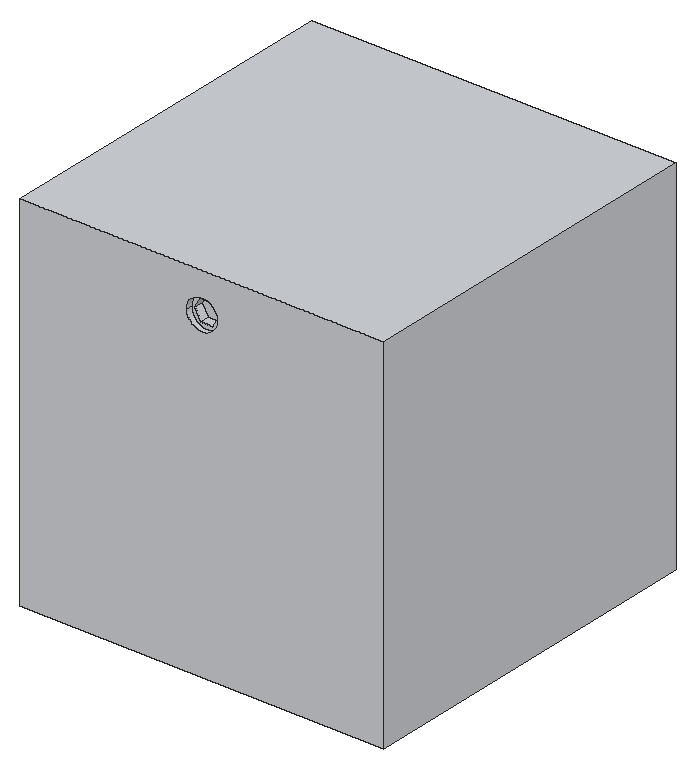
Revit family "LED FRAME 04 LZ6120WW", category Luminarias, Revit 2019
Family settings
  Cota de conector redondo = Diámetro de uso
  Tipo de pieza = Normal
  Se basa en plano de trabajo = Sí
  Siempre vertical = Sí
  Corte con vacíos al cargar = No
  Origen de luz = Sí
  Compartido = No
  Punto de cálculo de habitación = No
Parameters (values of type "DWN_LZ6120WW")
  Ángulo de inclinación = 60.00°
  Ángulo de enfoque = 45.00°
  Ángulo de campo de foco = 45.00°
  Zone [instance] = ""
  Watt per fixture = 4
  Wattage = 4 W
  built-in parameter 1150107 = 3000 (stored number, unit not read)
  built-in parameter 1150110 = 1 (stored number, unit not read)
  built-in parameter 1150109 = 1 (stored number, unit not read)
  built-in parameter 1150112 = 1 (stored number, unit not read)
  built-in parameter 1150113 = 1 (stored number, unit not read)
  built-in parameter 1114218 = 1 (stored number, unit not read)
  Keynote = ""
  built-in parameter 1150137 = (empty or 0)
  built-in parameter 1150132 = (empty or 0)
  Modelo = "LZ6120WW"
  Lámpara = "CREE"
  Longitud de símbolo de origen de luz = 500 mm
  built-in parameter 1150105 = 721.35 (stored number, unit not read)
  built-in parameter 1150102 = (empty or 0)
  built-in parameter 1150106 = 7.2135 (stored number, unit not read)
  Lumens = 250 lm
  Color Filter = 16777215
  built-in parameter 1114217 = 1 (stored number, unit not read)
  built-in parameter 1150139 = (empty or 0)
  Fabricante = "BRILLANT"
  Default Elevation = 1219.2 mm
  built-in parameter 1150104 = 5.8064 (stored number, unit not read)
  Descripción = "LUMINARIA TIPO CUADRADA PARA SOBREPONER EN TECHO O PLAFON CON CUERPO DE ALUMINIO ACABADO ANONIZADO, IP 20 USO PARA INTERIORES, CUENTA CON 4 LED TIPO CREE CON UNA POTENCIA TOTAL DE 4W, A UNA TEMPERATURA EN BLANCO CALIDO 3000K CON 250 LUMENES, 0.02mA EN CORRIENTE DE OPERACIÓN, IRC 80, APERTURA A 45 GRADOS EN STOCK, ALIMENTADA A 90-240V."
  built-in parameter 1150115 = 1 (stored number, unit not read)
  built-in parameter 1150114 = 1 (stored number, unit not read)
  Comentarios de vataje = "90-240V"
  built-in parameter 1150138 = (empty or 0)
  built-in parameter 1150134 = (empty or 0)
  Circuit [instance] = ""
  Dimming Lamp Color Temperature Shift = (empty or 0)
  built-in parameter 1150133 = 10 (stored number, unit not read)
Reference planes
  plane 1 "Centro (Frontal/Posterior)": y = 0
  plane 2: z = 0
  plane 3 "Centro (Izquierda/Derecha)": x = 0
Forms (mm)
  Extrusion 1, solid
    sketch origin (0, 0, 0) x (1, 0, 0) y (0, 1, 0)
      loop
        line (-35, 35) -> (-35, -35) -> (35, -35) -> (35, 35) -> (-35, 35)
    from -70.055 to 0
  Extrusion 2, void
    sketch origin (0, 0, 0) x (1, 0, 0) y (0, 1, 0)
      loop
        arc (-21.019, 28) -> (-25.955, 25.955) -> (-28, 21.019) r 6.981
        line (-28, 21.019) -> (-28, -21.019)
        arc (-28, -21.019) -> (-26.217, -25.679) -> (-21.779, -27.959) r 6.981
        line (-21.779, -27.959) -> (21.779, -27.959)
        arc (21.779, -27.959) -> (26.217, -25.679) -> (28, -21.019) r 6.981
        line (28, -21.019) -> (28, 21.019)
        arc (28, 21.019) -> (25.955, 25.955) -> (21.019, 28) r 6.981
        line (21.019, 28) -> (-21.019, 28)
    from -70.055 to -60.679
  Revolve 3, solid, material "Cristal"
    sketch origin (92.775, 12.474, 11.449) x (-1, 0, 0) y (0, 0, 1)
      loop
        spline (105.714, -77.128) -> (106.844, -77.085) -> (107.955, -76.958) -> (109.027, -76.748) -> (110.043, -76.458) -> (110.984, -76.095) -> (111.835, -75.664) -> (112.582, -75.172) -> (113.211, -74.628) -> (113.712, -74.042) -> (114.076, -73.422) -> (114.297, -72.781) -> (114.371, -72.128)
        line (114.371, -72.128) -> (105.714, -72.128) -> (105.714, -77.128)
      axis (105.714, -72.128) -> (105.714, -77.128)
    angle from 0 to 360
  Revolve 4, solid, material "Cristal"
    sketch origin (-92.775, 12.474, 11.449) x (1, 0, 0) y (0, 0, -1)
      loop
        line (105.714, 77.128) -> (105.714, 72.128) -> (114.371, 72.128)
        spline (114.371, 72.128) -> (114.297, 72.781) -> (114.076, 73.422) -> (113.712, 74.042) -> (113.211, 74.628) -> (112.582, 75.172) -> (111.835, 75.664) -> (110.984, 76.095) -> (110.043, 76.458) -> (109.027, 76.748) -> (107.955, 76.958) -> (106.844, 77.085) -> (105.714, 77.128)
      axis (105.714, 72.128) -> (105.714, 77.128)
    angle from 0 to 360
  Revolve 5, solid, material "Cristal"
    sketch origin (92.775, -12.474, 11.449) x (-1, 0, 0) y (0, 0, -1)
      loop
        line (105.714, 77.128) -> (105.714, 72.128) -> (114.371, 72.128)
        spline (114.371, 72.128) -> (114.297, 72.781) -> (114.076, 73.422) -> (113.712, 74.042) -> (113.211, 74.628) -> (112.582, 75.172) -> (111.835, 75.664) -> (110.984, 76.095) -> (110.043, 76.458) -> (109.027, 76.748) -> (107.955, 76.958) -> (106.844, 77.085) -> (105.714, 77.128)
      axis (105.714, 72.128) -> (105.714, 77.128)
    angle from 0 to 360
  Revolve 6, solid, material "Cristal"
    sketch origin (-92.775, -12.474, 11.449) x (1, 0, 0) y (0, 0, 1)
      loop
        spline (105.714, -77.128) -> (106.844, -77.085) -> (107.955, -76.958) -> (109.027, -76.748) -> (110.043, -76.458) -> (110.984, -76.095) -> (111.835, -75.664) -> (112.582, -75.172) -> (113.211, -74.628) -> (113.712, -74.042) -> (114.076, -73.422) -> (114.297, -72.781) -> (114.371, -72.128)
        line (114.371, -72.128) -> (105.714, -72.128) -> (105.714, -77.128)
      axis (105.714, -72.128) -> (105.714, -77.128)
    angle from 0 to 360
  Extrusion 7, void
    sketch origin (0, 0, -71.401) x (1, 0, 0) y (0, 0, 1)
      loop
        circle (0, 63.679) r 3
    from 33.831 to 35
  Extrusion 8, void
    sketch origin (0, 0, -71.401) x (1, 0, 0) y (0, 0, -1)
      loop
        circle (0, -63.679) r 3
    from 33.831 to 35
  Extrusion 9, void
    sketch origin (0, 0, -71.401) x (1, 0, 0) y (0, 0, 1)
      loop
        line (1.186, 65.733) -> (-1.186, 65.733) -> (-2.371, 63.679) -> (-1.186, 61.625) -> (1.186, 61.625) -> (2.371, 63.679) -> (1.186, 65.733)
    from 32.048 to 33.831
  Extrusion 10, void
    sketch origin (0, 0, -71.401) x (1, 0, 0) y (0, 0, -1)
      loop
        line (1.186, -65.733) -> (2.371, -63.679) -> (1.186, -61.625) -> (-1.186, -61.625) -> (-2.371, -63.679) -> (-1.186, -65.733) -> (1.186, -65.733)
    from 32.048 to 33.831
Cuts and joins
  Extrusion 2, Extrusion 7, Extrusion 8, Extrusion 9, Extrusion 10 cuts Extrusion 1
Dimensions and locks
  Extrusion 2 sketch curve to Extrusion 1 = 7 mm
  Extrusion 1 to Extrusion 2 sketch curve = 7 mm  (x2)
  Extrusion 1 to Extrusion 2 sketch curve = 7.041 mm
  cut or joined group of Extrusion 1, Extrusion 2, Extrusion 7, Extrusion 8, Extrusion 9, Extrusion 10 to cut or joined group of Extrusion 1, Extrusion 2, Extrusion 7, Extrusion 8, Extrusion 9, Extrusion 10 = 70.055 mm
  aligned and locked: level to plane 2
Connectors
  electrical at (0, 0, 0)
    settings: on cut or joined group of Extrusion 1, Extrusion 2, Extrusion 7, Extrusion 8, Extrusion 9, Extrusion 10, index 1, voltage 240 V, apparent load 0 VA, apparent load phase1 0 VA, apparent load phase2 0 VA, apparent load phase3 0 VA, power factor 1, load classification "Otro", number of poles 1, system type 31, power factor state 1, is connector primary yes, connector utility no, sub classification motor no, connector description ""
